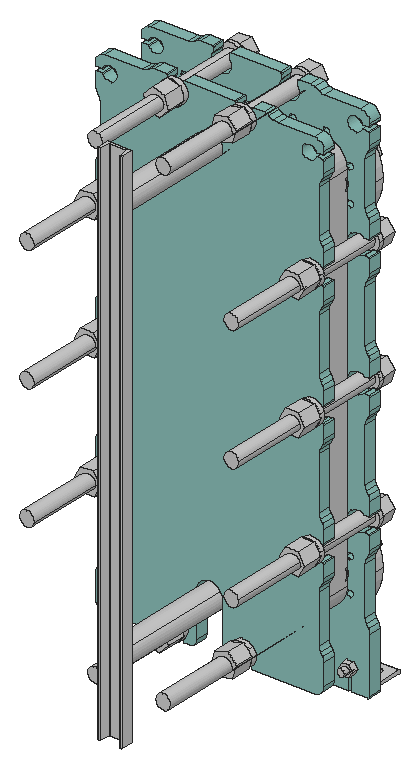
Revit family "MIT 521 - Heat Exchanger", category Specialty Equipment, Revit 2022
Family settings
  Round Connector Dimension = Use Diameter
  Part Type = Normal
  Work Plane-Based = No
  Always vertical = No
  Cut with Voids When Loaded = No
  Maintain Annotation Orientation = No
  Shared = No
  Room Calculation Point = No
Parameters (values of type "Flanged")
  URL = "https://en.ekinendustriyel.com/plate-heat-exchanger"
  Type Comments = ""
  Thickness_of_Plate = 0.50 mm  # constant formula
  Number_of_Plate [instance] = 30
  Model = if(Hygienic, if(Design Pressure < 11.0 bar, "H12340000F100L", if(Design Pressure < 16.0 bar, " H12340000F100M", " H12340000F100H")), if(Design Pressure < 10.0 bar, "E12340000F100L", if(Design Pressure < 16.0 bar, " E12340000F100M", " E12340000F100H")))  # "H12340000F100L"
  Material = Galvanized Steel- S235JR
  Manufacturer = "Ekin Endüstriyel"
  Lk [instance] = (Number_of_Plate) * ((Thickness_of_Plate) + 2.60 mm)  # 93.00 mm
  Lh [instance] = 1090.00 mm  # constant formula
  Lf [instance] = 1035.00 mm  # constant formula
  Lc [instance] = if(Number_of_Plate < 31, 350.00 mm, if(Number_of_Plate < 56, 500.00 mm, if(Number_of_Plate < 106, 750.00 mm, if(Number_of_Plate < 151, 1000.00 mm, 1250.00 mm))))  # 350.00 mm
  La [instance] = 470.00 mm  # constant formula
  Keynote = ""
  Industrial = not(Hygienic)  # no
  Hygienic = yes
  Head & Follower Plate [instance] = if(Design Pressure < 11.0 bar, 25.00 mm, if(Design Pressure < 17.0 bar, 35.00 mm, 45.00 mm))  # 25.00 mm
  Follower Plate [instance] = -(Head & Follower Plate)  # -25.00 mm
  Design Pressure = 6.89476 bar
  Description = if(Design Pressure < 11.0 bar, "MIT - Heat Exchanger - 10 bar", if(Design Pressure < 16.0 bar, " MIT - Heat Exchanger - 16 bar", " MIT - Heat Exchanger - 25 bar"))  # "MIT - Heat Exchanger - 10 bar"
  Default Elevation = 0.00 mm
Reference planes
  plane 1 "Center (Front/Back)": y = 0
  plane 2: z = 0
  plane 3 "Center (Left/Right)": x = 0
  plane 4: x = 1160
  plane 5: x = -1000
  plane 6 "2": y = -118
  plane 7 "1": y = -25
  plane 8 "3": y = -375
  plane 9 "Bolt End": y = 18.7
  plane 10: y = -350
  plane 11 "12": z = 933
Forms (mm)
  Extrusion 1, solid, material "Galvanized Steel", detail levels fine
    sketch origin (4.063, 0, 0) x (1, 0, 0) y (0, 0, 1)
      loop
        line (82.957, 1088) -> (82.957, 1078.933)
        arc (82.957, 1078.933) -> (83.045, 1078.344) -> (83.303, 1077.808) r 2
        arc (83.303, 1077.808) -> (65.937, 1045) -> (48.571, 1077.808) r 21
        arc (48.571, 1077.808) -> (48.829, 1078.344) -> (48.917, 1078.933) r 2
        line (48.917, 1078.933) -> (48.917, 1088)
        arc (48.917, 1088) -> (48.332, 1089.414) -> (46.917, 1090) r 2
        line (46.917, 1090) -> (-55.043, 1090)
        arc (-55.043, 1090) -> (-56.458, 1089.414) -> (-57.043, 1088) r 2
        line (-57.043, 1088) -> (-57.043, 1078.933)
        arc (-57.043, 1078.933) -> (-56.955, 1078.344) -> (-56.697, 1077.808) r 2
        arc (-56.697, 1077.808) -> (-74.063, 1045) -> (-91.429, 1077.808) r 21
        arc (-91.429, 1077.808) -> (-91.171, 1078.344) -> (-91.083, 1078.933) r 2
        line (-91.083, 1078.933) -> (-91.083, 1088)
        arc (-91.083, 1088) -> (-91.668, 1089.414) -> (-93.083, 1090) r 2
        line (-93.083, 1090) -> (-116.204, 1090)
        arc (-116.204, 1090) -> (-121.38, 1089.319) -> (-126.204, 1087.321) r 20
        line (-126.204, 1087.321) -> (-134.243, 1082.679)
        arc (-134.243, 1082.679) -> (-139.066, 1080.681) -> (-144.243, 1080) r 20
        line (-144.243, 1080) -> (-219.063, 1080)
        arc (-219.063, 1080) -> (-233.205, 1074.142) -> (-239.063, 1060) r 20
        line (-239.063, 1060) -> (-239.063, 1055)
        arc (-239.063, 1055) -> (-238.477, 1053.586) -> (-237.063, 1053) r 2
        line (-237.063, 1053) -> (-224.969, 1053)
        arc (-224.969, 1053) -> (-223.831, 1053.355) -> (-223.098, 1054.294) r 2
        arc (-223.098, 1054.294) -> (-194.063, 1049) -> (-223.098, 1043.706) r 15
        arc (-223.098, 1043.706) -> (-223.831, 1044.645) -> (-224.969, 1045) r 2
        line (-224.969, 1045) -> (-237.063, 1045)
        arc (-237.063, 1045) -> (-238.477, 1044.414) -> (-239.063, 1043) r 2
        line (-239.063, 1043) -> (-239.063, 1019.179)
        arc (-239.063, 1019.179) -> (-238.382, 1014.003) -> (-236.384, 1009.179) r 20
        line (-236.384, 1009.179) -> (-231.743, 1001.141)
        arc (-231.743, 1001.141) -> (-229.745, 996.317) -> (-229.063, 991.141) r 20
        line (-229.063, 991.141) -> (-229.063, 901.859)
        arc (-229.063, 901.859) -> (-229.745, 896.683) -> (-231.743, 891.859) r 20
        line (-231.743, 891.859) -> (-236.384, 883.821)
        arc (-236.384, 883.821) -> (-238.382, 878.997) -> (-239.063, 873.821) r 20
        line (-239.063, 873.821) -> (-239.063, 847.25)
        arc (-239.063, 847.25) -> (-238.477, 845.836) -> (-237.063, 845.25) r 2
        line (-237.063, 845.25) -> (-228.061, 845.25)
        arc (-228.061, 845.25) -> (-227.418, 845.356) -> (-226.844, 845.663) r 2
        arc (-226.844, 845.663) -> (-193.063, 829) -> (-226.844, 812.337) r 21
        arc (-226.844, 812.337) -> (-227.418, 812.644) -> (-228.061, 812.75) r 2
        line (-228.061, 812.75) -> (-237.063, 812.75)
        arc (-237.063, 812.75) -> (-238.477, 812.164) -> (-239.063, 810.75) r 2
        line (-239.063, 810.75) -> (-239.063, 784.179)
        arc (-239.063, 784.179) -> (-238.382, 779.003) -> (-236.384, 774.179) r 20
        line (-236.384, 774.179) -> (-231.743, 766.141)
        arc (-231.743, 766.141) -> (-229.745, 761.317) -> (-229.063, 756.141) r 20
        line (-229.063, 756.141) -> (-229.063, 646.859)
        arc (-229.063, 646.859) -> (-229.745, 641.683) -> (-231.743, 636.859) r 20
        line (-231.743, 636.859) -> (-236.384, 628.821)
        arc (-236.384, 628.821) -> (-238.382, 623.997) -> (-239.063, 618.821) r 20
        line (-239.063, 618.821) -> (-239.063, 592.25)
        arc (-239.063, 592.25) -> (-238.477, 590.836) -> (-237.063, 590.25) r 2
        line (-237.063, 590.25) -> (-228.061, 590.25)
        arc (-228.061, 590.25) -> (-227.418, 590.356) -> (-226.844, 590.663) r 2
        arc (-226.844, 590.663) -> (-193.063, 574) -> (-226.844, 557.337) r 21
        arc (-226.844, 557.337) -> (-227.418, 557.644) -> (-228.061, 557.75) r 2
        line (-228.061, 557.75) -> (-237.063, 557.75)
        arc (-237.063, 557.75) -> (-238.477, 557.164) -> (-239.063, 555.75) r 2
        line (-239.063, 555.75) -> (-239.063, 529.179)
        arc (-239.063, 529.179) -> (-238.382, 524.003) -> (-236.384, 519.179) r 20
        line (-236.384, 519.179) -> (-231.743, 511.141)
        arc (-231.743, 511.141) -> (-229.745, 506.317) -> (-229.063, 501.141) r 20
        line (-229.063, 501.141) -> (-229.063, 391.859)
        arc (-229.063, 391.859) -> (-229.745, 386.683) -> (-231.743, 381.859) r 20
        line (-231.743, 381.859) -> (-236.384, 373.821)
        arc (-236.384, 373.821) -> (-238.382, 368.997) -> (-239.063, 363.821) r 20
        line (-239.063, 363.821) -> (-239.063, 337.25)
        arc (-239.063, 337.25) -> (-238.477, 335.836) -> (-237.063, 335.25) r 2
        line (-237.063, 335.25) -> (-228.061, 335.25)
        arc (-228.061, 335.25) -> (-227.418, 335.356) -> (-226.844, 335.663) r 2
        arc (-226.844, 335.663) -> (-193.063, 319) -> (-226.844, 302.337) r 21
        arc (-226.844, 302.337) -> (-227.418, 302.644) -> (-228.061, 302.75) r 2
        line (-228.061, 302.75) -> (-237.063, 302.75)
        arc (-237.063, 302.75) -> (-238.477, 302.164) -> (-239.063, 300.75) r 2
        line (-239.063, 300.75) -> (-239.063, 274.179)
        arc (-239.063, 274.179) -> (-238.382, 269.003) -> (-236.384, 264.179) r 20
        line (-236.384, 264.179) -> (-231.743, 256.141)
        arc (-231.743, 256.141) -> (-229.745, 251.317) -> (-229.063, 246.141) r 20
        line (-229.063, 246.141) -> (-229.063, 146.859)
        arc (-229.063, 146.859) -> (-229.745, 141.683) -> (-231.743, 136.859) r 20
        line (-231.743, 136.859) -> (-236.384, 128.821)
        arc (-236.384, 128.821) -> (-238.382, 123.997) -> (-239.063, 118.821) r 20
        line (-239.063, 118.821) -> (-239.063, 5)
        arc (-239.063, 5) -> (-237.599, 1.464) -> (-234.063, 0) r 5
        line (-234.063, 0) -> (-202.063, 0) -> (-202.063, 34.417)
        arc (-202.063, 34.417) -> (-199.063, 56) -> (-196.063, 34.417) r 11
        line (-196.063, 34.417) -> (-196.063, 0) -> (-164.063, 0)
        arc (-164.063, 0) -> (-160.527, 1.464) -> (-159.063, 5) r 5
        line (-159.063, 5) -> (-159.063, 19.216)
        arc (-159.063, 19.216) -> (-157.541, 26.869) -> (-153.205, 33.358) r 20
        line (-153.205, 33.358) -> (-137.421, 49.142)
        arc (-137.421, 49.142) -> (-130.932, 53.478) -> (-123.279, 55) r 20
        line (-123.279, 55) -> (-92.313, 55)
        arc (-92.313, 55) -> (-90.899, 55.586) -> (-90.313, 57) r 2
        line (-90.313, 57) -> (-90.313, 66.002)
        arc (-90.313, 66.002) -> (-90.419, 66.645) -> (-90.726, 67.219) r 2
        arc (-90.726, 67.219) -> (-74.063, 101) -> (-57.4, 67.219) r 21
        arc (-57.4, 67.219) -> (-57.707, 66.645) -> (-57.813, 66.002) r 2
        line (-57.813, 66.002) -> (-57.813, 57)
        arc (-57.813, 57) -> (-57.227, 55.586) -> (-55.813, 55) r 2
        line (-55.813, 55) -> (47.687, 55)
        arc (47.687, 55) -> (49.101, 55.586) -> (49.687, 57) r 2
        line (49.687, 57) -> (49.687, 66.002)
        arc (49.687, 66.002) -> (49.581, 66.645) -> (49.274, 67.219) r 2
        arc (49.274, 67.219) -> (65.937, 101) -> (82.6, 67.219) r 21
        arc (82.6, 67.219) -> (82.293, 66.645) -> (82.187, 66.002) r 2
        line (82.187, 66.002) -> (82.187, 57)
        arc (82.187, 57) -> (82.773, 55.586) -> (84.187, 55) r 2
        line (84.187, 55) -> (115.153, 55)
        arc (115.153, 55) -> (122.806, 53.478) -> (129.295, 49.142) r 20
        line (129.295, 49.142) -> (145.079, 33.358)
        arc (145.079, 33.358) -> (149.415, 26.869) -> (150.937, 19.216) r 20
        line (150.937, 19.216) -> (150.937, 5)
        arc (150.937, 5) -> (152.401, 1.464) -> (155.937, 0) r 5
        line (155.937, 0) -> (187.937, 0) -> (187.937, 34.417)
        arc (187.937, 34.417) -> (190.937, 56) -> (193.937, 34.417) r 11
        line (193.937, 34.417) -> (193.937, 0) -> (225.937, 0)
        arc (225.937, 0) -> (229.473, 1.464) -> (230.937, 5) r 5
        line (230.937, 5) -> (230.937, 118.821)
        arc (230.937, 118.821) -> (230.255, 123.997) -> (228.257, 128.821) r 20
        line (228.257, 128.821) -> (223.616, 136.859)
        arc (223.616, 136.859) -> (221.618, 141.683) -> (220.937, 146.859) r 20
        line (220.937, 146.859) -> (220.937, 246.141)
        arc (220.937, 246.141) -> (221.618, 251.317) -> (223.616, 256.141) r 20
        line (223.616, 256.141) -> (228.257, 264.179)
        arc (228.257, 264.179) -> (230.255, 269.003) -> (230.937, 274.179) r 20
        line (230.937, 274.179) -> (230.937, 300.75)
        arc (230.937, 300.75) -> (230.351, 302.164) -> (228.937, 302.75) r 2
        line (228.937, 302.75) -> (219.935, 302.75)
        arc (219.935, 302.75) -> (219.292, 302.644) -> (218.718, 302.337) r 2
        arc (218.718, 302.337) -> (184.937, 319) -> (218.718, 335.663) r 21
        arc (218.718, 335.663) -> (219.292, 335.356) -> (219.935, 335.25) r 2
        line (219.935, 335.25) -> (228.937, 335.25)
        arc (228.937, 335.25) -> (230.351, 335.836) -> (230.937, 337.25) r 2
        line (230.937, 337.25) -> (230.937, 363.821)
        arc (230.937, 363.821) -> (230.255, 368.997) -> (228.257, 373.821) r 20
        line (228.257, 373.821) -> (223.616, 381.859)
        arc (223.616, 381.859) -> (221.618, 386.683) -> (220.937, 391.859) r 20
        line (220.937, 391.859) -> (220.937, 501.141)
        arc (220.937, 501.141) -> (221.618, 506.317) -> (223.616, 511.141) r 20
        line (223.616, 511.141) -> (228.257, 519.179)
        arc (228.257, 519.179) -> (230.255, 524.003) -> (230.937, 529.179) r 20
        line (230.937, 529.179) -> (230.937, 555.75)
        arc (230.937, 555.75) -> (230.351, 557.164) -> (228.937, 557.75) r 2
        line (228.937, 557.75) -> (219.935, 557.75)
        arc (219.935, 557.75) -> (219.292, 557.644) -> (218.718, 557.337) r 2
        arc (218.718, 557.337) -> (184.937, 574) -> (218.718, 590.663) r 21
        arc (218.718, 590.663) -> (219.292, 590.356) -> (219.935, 590.25) r 2
        line (219.935, 590.25) -> (228.937, 590.25)
        arc (228.937, 590.25) -> (230.351, 590.836) -> (230.937, 592.25) r 2
        line (230.937, 592.25) -> (230.937, 618.821)
        arc (230.937, 618.821) -> (230.255, 623.997) -> (228.257, 628.821) r 20
        line (228.257, 628.821) -> (223.616, 636.859)
        arc (223.616, 636.859) -> (221.618, 641.683) -> (220.937, 646.859) r 20
        line (220.937, 646.859) -> (220.937, 756.141)
        arc (220.937, 756.141) -> (221.618, 761.317) -> (223.616, 766.141) r 20
        line (223.616, 766.141) -> (228.257, 774.179)
        arc (228.257, 774.179) -> (230.255, 779.003) -> (230.937, 784.179) r 20
        line (230.937, 784.179) -> (230.937, 810.75)
        arc (230.937, 810.75) -> (230.351, 812.164) -> (228.937, 812.75) r 2
        line (228.937, 812.75) -> (219.935, 812.75)
        arc (219.935, 812.75) -> (219.292, 812.644) -> (218.718, 812.337) r 2
        arc (218.718, 812.337) -> (184.937, 829) -> (218.718, 845.663) r 21
        arc (218.718, 845.663) -> (219.292, 845.356) -> (219.935, 845.25) r 2
        line (219.935, 845.25) -> (228.937, 845.25)
        arc (228.937, 845.25) -> (230.351, 845.836) -> (230.937, 847.25) r 2
        line (230.937, 847.25) -> (230.937, 873.821)
        arc (230.937, 873.821) -> (230.255, 878.997) -> (228.257, 883.821) r 20
        line (228.257, 883.821) -> (223.616, 891.859)
        arc (223.616, 891.859) -> (221.618, 896.683) -> (220.937, 901.859) r 20
        line (220.937, 901.859) -> (220.937, 991.141)
        arc (220.937, 991.141) -> (221.618, 996.317) -> (223.616, 1001.141) r 20
        line (223.616, 1001.141) -> (228.257, 1009.179)
        arc (228.257, 1009.179) -> (230.255, 1014.003) -> (230.937, 1019.179) r 20
        line (230.937, 1019.179) -> (230.937, 1043)
        arc (230.937, 1043) -> (230.351, 1044.414) -> (228.937, 1045) r 2
        line (228.937, 1045) -> (216.843, 1045)
        arc (216.843, 1045) -> (215.705, 1044.645) -> (214.972, 1043.706) r 2
        arc (214.972, 1043.706) -> (185.937, 1049) -> (214.972, 1054.294) r 15
        arc (214.972, 1054.294) -> (215.705, 1053.355) -> (216.843, 1053) r 2
        line (216.843, 1053) -> (228.937, 1053)
        arc (228.937, 1053) -> (230.351, 1053.586) -> (230.937, 1055) r 2
        line (230.937, 1055) -> (230.937, 1060)
        arc (230.937, 1060) -> (225.079, 1074.142) -> (210.937, 1080) r 20
        line (210.937, 1080) -> (136.116, 1080)
        arc (136.116, 1080) -> (130.94, 1080.681) -> (126.116, 1082.679) r 20
        line (126.116, 1082.679) -> (118.078, 1087.321)
        arc (118.078, 1087.321) -> (113.254, 1089.319) -> (108.078, 1090) r 20
        line (108.078, 1090) -> (84.957, 1090)
        arc (84.957, 1090) -> (83.542, 1089.414) -> (82.957, 1088) r 2
      loop
        circle (142.128, 1016.149) r 7
      loop
        circle (190.836, 967.442) r 7
      loop
        circle (190.836, 898.558) r 7
      loop
        circle (142.128, 849.851) r 7
      loop
        circle (73.245, 1016.149) r 7
      loop
        circle (24.538, 967.442) r 7
      loop
        circle (24.538, 898.558) r 7
      loop
        circle (73.245, 849.851) r 7
      loop
        circle (142.128, 298.149) r 7
      loop
        circle (190.836, 249.442) r 7
      loop
        circle (190.836, 180.558) r 7
      loop
        circle (142.128, 131.851) r 7
      loop
        circle (73.245, 298.149) r 7
      loop
        circle (24.538, 249.442) r 7
      loop
        circle (24.538, 180.558) r 7
      loop
        circle (73.245, 131.851) r 7
      loop
        circle (-4.063, 156) r 6.25
      loop
        circle (-4.063, 992) r 6.25
      loop
        circle (-150.255, 1016.149) r 7
      loop
        circle (-198.962, 967.442) r 7
      loop
        circle (-198.962, 898.558) r 7
      loop
        circle (-150.255, 849.851) r 7
      loop
        circle (-81.372, 1016.149) r 7
      loop
        circle (-32.664, 967.442) r 7
      loop
        circle (-32.664, 898.558) r 7
      loop
        circle (-81.372, 849.851) r 7
      loop
        circle (-150.255, 298.149) r 7
      loop
        circle (-198.962, 249.442) r 7
      loop
        circle (-198.962, 180.558) r 7
      loop
        circle (-150.255, 131.851) r 7
      loop
        circle (-81.372, 298.149) r 7
      loop
        circle (-32.664, 249.442) r 7
      loop
        circle (-32.664, 180.558) r 7
      loop
        circle (-81.372, 131.851) r 7
      loop
        circle (107.687, 933) r 50
      loop
        circle (-115.813, 933) r 50
      loop
        circle (-115.813, 215) r 50
      loop
        circle (107.687, 215) r 50
    from 0 to 25
  Extrusion 2, solid, material "Galvanized Steel", detail levels fine
    sketch origin (4.063, -118, 0) x (-1, 0, 0) y (0, 0, 1)
      loop
        line (91.083, 1088) -> (91.083, 1078.933)
        arc (91.083, 1078.933) -> (91.171, 1078.344) -> (91.429, 1077.808) r 2
        arc (91.429, 1077.808) -> (74.063, 1045) -> (56.697, 1077.808) r 21
        arc (56.697, 1077.808) -> (56.955, 1078.344) -> (57.043, 1078.933) r 2
        line (57.043, 1078.933) -> (57.043, 1088)
        arc (57.043, 1088) -> (56.458, 1089.414) -> (55.043, 1090) r 2
        line (55.043, 1090) -> (-46.917, 1090)
        arc (-46.917, 1090) -> (-48.332, 1089.414) -> (-48.917, 1088) r 2
        line (-48.917, 1088) -> (-48.917, 1078.933)
        arc (-48.917, 1078.933) -> (-48.829, 1078.344) -> (-48.571, 1077.808) r 2
        arc (-48.571, 1077.808) -> (-65.937, 1045) -> (-83.303, 1077.808) r 21
        arc (-83.303, 1077.808) -> (-83.045, 1078.344) -> (-82.957, 1078.933) r 2
        line (-82.957, 1078.933) -> (-82.957, 1088)
        arc (-82.957, 1088) -> (-83.542, 1089.414) -> (-84.957, 1090) r 2
        line (-84.957, 1090) -> (-108.078, 1090)
        arc (-108.078, 1090) -> (-113.254, 1089.319) -> (-118.078, 1087.321) r 20
        line (-118.078, 1087.321) -> (-126.116, 1082.679)
        arc (-126.116, 1082.679) -> (-130.94, 1080.681) -> (-136.116, 1080) r 20
        line (-136.116, 1080) -> (-210.937, 1080)
        arc (-210.937, 1080) -> (-225.079, 1074.142) -> (-230.937, 1060) r 20
        line (-230.937, 1060) -> (-230.937, 1055)
        arc (-230.937, 1055) -> (-230.351, 1053.586) -> (-228.937, 1053) r 2
        line (-228.937, 1053) -> (-216.843, 1053)
        arc (-216.843, 1053) -> (-215.705, 1053.355) -> (-214.972, 1054.294) r 2
        arc (-214.972, 1054.294) -> (-185.937, 1049) -> (-214.972, 1043.706) r 15
        arc (-214.972, 1043.706) -> (-215.705, 1044.645) -> (-216.843, 1045) r 2
        line (-216.843, 1045) -> (-228.937, 1045)
        arc (-228.937, 1045) -> (-230.351, 1044.414) -> (-230.937, 1043) r 2
        line (-230.937, 1043) -> (-230.937, 1019.179)
        arc (-230.937, 1019.179) -> (-230.255, 1014.003) -> (-228.257, 1009.179) r 20
        line (-228.257, 1009.179) -> (-223.616, 1001.141)
        arc (-223.616, 1001.141) -> (-221.618, 996.317) -> (-220.937, 991.141) r 20
        line (-220.937, 991.141) -> (-220.937, 901.859)
        arc (-220.937, 901.859) -> (-221.618, 896.683) -> (-223.616, 891.859) r 20
        line (-223.616, 891.859) -> (-228.257, 883.821)
        arc (-228.257, 883.821) -> (-230.255, 878.997) -> (-230.937, 873.821) r 20
        line (-230.937, 873.821) -> (-230.937, 847.25)
        arc (-230.937, 847.25) -> (-230.351, 845.836) -> (-228.937, 845.25) r 2
        line (-228.937, 845.25) -> (-219.935, 845.25)
        arc (-219.935, 845.25) -> (-219.292, 845.356) -> (-218.718, 845.663) r 2
        arc (-218.718, 845.663) -> (-184.937, 829) -> (-218.718, 812.337) r 21
        arc (-218.718, 812.337) -> (-219.292, 812.644) -> (-219.935, 812.75) r 2
        line (-219.935, 812.75) -> (-228.937, 812.75)
        arc (-228.937, 812.75) -> (-230.351, 812.164) -> (-230.937, 810.75) r 2
        line (-230.937, 810.75) -> (-230.937, 784.179)
        arc (-230.937, 784.179) -> (-230.255, 779.003) -> (-228.257, 774.179) r 20
        line (-228.257, 774.179) -> (-223.616, 766.141)
        arc (-223.616, 766.141) -> (-221.618, 761.317) -> (-220.937, 756.141) r 20
        line (-220.937, 756.141) -> (-220.937, 646.859)
        arc (-220.937, 646.859) -> (-221.618, 641.683) -> (-223.616, 636.859) r 20
        line (-223.616, 636.859) -> (-228.257, 628.821)
        arc (-228.257, 628.821) -> (-230.255, 623.997) -> (-230.937, 618.821) r 20
        line (-230.937, 618.821) -> (-230.937, 592.25)
        arc (-230.937, 592.25) -> (-230.351, 590.836) -> (-228.937, 590.25) r 2
        line (-228.937, 590.25) -> (-219.935, 590.25)
        arc (-219.935, 590.25) -> (-219.292, 590.356) -> (-218.718, 590.663) r 2
        arc (-218.718, 590.663) -> (-184.937, 574) -> (-218.718, 557.337) r 21
        arc (-218.718, 557.337) -> (-219.292, 557.644) -> (-219.935, 557.75) r 2
        line (-219.935, 557.75) -> (-228.937, 557.75)
        arc (-228.937, 557.75) -> (-230.351, 557.164) -> (-230.937, 555.75) r 2
        line (-230.937, 555.75) -> (-230.937, 529.179)
        arc (-230.937, 529.179) -> (-230.255, 524.003) -> (-228.257, 519.179) r 20
        line (-228.257, 519.179) -> (-223.616, 511.141)
        arc (-223.616, 511.141) -> (-221.618, 506.317) -> (-220.937, 501.141) r 20
        line (-220.937, 501.141) -> (-220.937, 391.859)
        arc (-220.937, 391.859) -> (-221.618, 386.683) -> (-223.616, 381.859) r 20
        line (-223.616, 381.859) -> (-228.257, 373.821)
        arc (-228.257, 373.821) -> (-230.255, 368.997) -> (-230.937, 363.821) r 20
        line (-230.937, 363.821) -> (-230.937, 337.25)
        arc (-230.937, 337.25) -> (-230.351, 335.836) -> (-228.937, 335.25) r 2
        line (-228.937, 335.25) -> (-219.935, 335.25)
        arc (-219.935, 335.25) -> (-219.292, 335.356) -> (-218.718, 335.663) r 2
        arc (-218.718, 335.663) -> (-184.937, 319) -> (-218.718, 302.337) r 21
        arc (-218.718, 302.337) -> (-219.292, 302.644) -> (-219.935, 302.75) r 2
        line (-219.935, 302.75) -> (-228.937, 302.75)
        arc (-228.937, 302.75) -> (-230.351, 302.164) -> (-230.937, 300.75) r 2
        line (-230.937, 300.75) -> (-230.937, 274.179)
        arc (-230.937, 274.179) -> (-230.255, 269.003) -> (-228.257, 264.179) r 20
        line (-228.257, 264.179) -> (-223.616, 256.141)
        arc (-223.616, 256.141) -> (-221.618, 251.317) -> (-220.937, 246.141) r 20
        line (-220.937, 246.141) -> (-220.937, 146.859)
        arc (-220.937, 146.859) -> (-221.618, 141.683) -> (-223.616, 136.859) r 20
        line (-223.616, 136.859) -> (-228.257, 128.821)
        arc (-228.257, 128.821) -> (-230.255, 123.997) -> (-230.937, 118.821) r 20
        line (-230.937, 118.821) -> (-230.937, 75)
        arc (-230.937, 75) -> (-225.079, 60.858) -> (-210.937, 55) r 20
        line (-210.937, 55) -> (-84.187, 55)
        arc (-84.187, 55) -> (-82.773, 55.586) -> (-82.187, 57) r 2
        line (-82.187, 57) -> (-82.187, 66.002)
        arc (-82.187, 66.002) -> (-82.293, 66.645) -> (-82.6, 67.219) r 2
        arc (-82.6, 67.219) -> (-65.937, 101) -> (-49.274, 67.219) r 21
        arc (-49.274, 67.219) -> (-49.581, 66.645) -> (-49.687, 66.002) r 2
        line (-49.687, 66.002) -> (-49.687, 57)
        arc (-49.687, 57) -> (-49.101, 55.586) -> (-47.687, 55) r 2
        line (-47.687, 55) -> (-37.437, 55)
        arc (-37.437, 55) -> (-26.83, 59.393) -> (-22.437, 70) r 15
        line (-22.437, 70) -> (-22.437, 161)
        arc (-22.437, 161) -> (4.063, 187.5) -> (30.563, 161) r 26.5
        line (30.563, 161) -> (30.563, 70)
        arc (30.563, 70) -> (34.956, 59.393) -> (45.563, 55) r 15
        line (45.563, 55) -> (55.813, 55)
        arc (55.813, 55) -> (57.227, 55.586) -> (57.813, 57) r 2
        line (57.813, 57) -> (57.813, 66.002)
        arc (57.813, 66.002) -> (57.707, 66.645) -> (57.4, 67.219) r 2
        arc (57.4, 67.219) -> (74.063, 101) -> (90.726, 67.219) r 21
        arc (90.726, 67.219) -> (90.419, 66.645) -> (90.313, 66.002) r 2
        line (90.313, 66.002) -> (90.313, 57)
        arc (90.313, 57) -> (90.899, 55.586) -> (92.313, 55) r 2
        line (92.313, 55) -> (219.063, 55)
        arc (219.063, 55) -> (233.205, 60.858) -> (239.063, 75) r 20
        line (239.063, 75) -> (239.063, 118.821)
        arc (239.063, 118.821) -> (238.382, 123.997) -> (236.384, 128.821) r 20
        line (236.384, 128.821) -> (231.743, 136.859)
        arc (231.743, 136.859) -> (229.745, 141.683) -> (229.063, 146.859) r 20
        line (229.063, 146.859) -> (229.063, 246.141)
        arc (229.063, 246.141) -> (229.745, 251.317) -> (231.743, 256.141) r 20
        line (231.743, 256.141) -> (236.384, 264.179)
        arc (236.384, 264.179) -> (238.382, 269.003) -> (239.063, 274.179) r 20
        line (239.063, 274.179) -> (239.063, 300.75)
        arc (239.063, 300.75) -> (238.477, 302.164) -> (237.063, 302.75) r 2
        line (237.063, 302.75) -> (228.061, 302.75)
        arc (228.061, 302.75) -> (227.418, 302.644) -> (226.844, 302.337) r 2
        arc (226.844, 302.337) -> (193.063, 319) -> (226.844, 335.663) r 21
        arc (226.844, 335.663) -> (227.418, 335.356) -> (228.061, 335.25) r 2
        line (228.061, 335.25) -> (237.063, 335.25)
        arc (237.063, 335.25) -> (238.477, 335.836) -> (239.063, 337.25) r 2
        line (239.063, 337.25) -> (239.063, 363.821)
        arc (239.063, 363.821) -> (238.382, 368.997) -> (236.384, 373.821) r 20
        line (236.384, 373.821) -> (231.743, 381.859)
        arc (231.743, 381.859) -> (229.745, 386.683) -> (229.063, 391.859) r 20
        line (229.063, 391.859) -> (229.063, 501.141)
        arc (229.063, 501.141) -> (229.745, 506.317) -> (231.743, 511.141) r 20
        line (231.743, 511.141) -> (236.384, 519.179)
        arc (236.384, 519.179) -> (238.382, 524.003) -> (239.063, 529.179) r 20
        line (239.063, 529.179) -> (239.063, 555.75)
        arc (239.063, 555.75) -> (238.477, 557.164) -> (237.063, 557.75) r 2
        line (237.063, 557.75) -> (228.061, 557.75)
        arc (228.061, 557.75) -> (227.418, 557.644) -> (226.844, 557.337) r 2
        arc (226.844, 557.337) -> (193.063, 574) -> (226.844, 590.663) r 21
        arc (226.844, 590.663) -> (227.418, 590.356) -> (228.061, 590.25) r 2
        line (228.061, 590.25) -> (237.063, 590.25)
        arc (237.063, 590.25) -> (238.477, 590.836) -> (239.063, 592.25) r 2
        line (239.063, 592.25) -> (239.063, 618.821)
        arc (239.063, 618.821) -> (238.382, 623.997) -> (236.384, 628.821) r 20
        line (236.384, 628.821) -> (231.743, 636.859)
        arc (231.743, 636.859) -> (229.745, 641.683) -> (229.063, 646.859) r 20
        line (229.063, 646.859) -> (229.063, 756.141)
        arc (229.063, 756.141) -> (229.745, 761.317) -> (231.743, 766.141) r 20
        line (231.743, 766.141) -> (236.384, 774.179)
        arc (236.384, 774.179) -> (238.382, 779.003) -> (239.063, 784.179) r 20
        line (239.063, 784.179) -> (239.063, 810.75)
        arc (239.063, 810.75) -> (238.477, 812.164) -> (237.063, 812.75) r 2
        line (237.063, 812.75) -> (228.061, 812.75)
        arc (228.061, 812.75) -> (227.418, 812.644) -> (226.844, 812.337) r 2
        arc (226.844, 812.337) -> (193.063, 829) -> (226.844, 845.663) r 21
        arc (226.844, 845.663) -> (227.418, 845.356) -> (228.061, 845.25) r 2
        line (228.061, 845.25) -> (237.063, 845.25)
        arc (237.063, 845.25) -> (238.477, 845.836) -> (239.063, 847.25) r 2
        line (239.063, 847.25) -> (239.063, 873.821)
        arc (239.063, 873.821) -> (238.382, 878.997) -> (236.384, 883.821) r 20
        line (236.384, 883.821) -> (231.743, 891.859)
        arc (231.743, 891.859) -> (229.745, 896.683) -> (229.063, 901.859) r 20
        line (229.063, 901.859) -> (229.063, 991.141)
        arc (229.063, 991.141) -> (229.745, 996.317) -> (231.743, 1001.141) r 20
        line (231.743, 1001.141) -> (236.384, 1009.179)
        arc (236.384, 1009.179) -> (238.382, 1014.003) -> (239.063, 1019.179) r 20
        line (239.063, 1019.179) -> (239.063, 1043)
        arc (239.063, 1043) -> (238.477, 1044.414) -> (237.063, 1045) r 2
        line (237.063, 1045) -> (224.969, 1045)
        arc (224.969, 1045) -> (223.831, 1044.645) -> (223.098, 1043.706) r 2
        arc (223.098, 1043.706) -> (194.063, 1049) -> (223.098, 1054.294) r 15
        arc (223.098, 1054.294) -> (223.831, 1053.355) -> (224.969, 1053) r 2
        line (224.969, 1053) -> (237.063, 1053)
        arc (237.063, 1053) -> (238.477, 1053.586) -> (239.063, 1055) r 2
        line (239.063, 1055) -> (239.063, 1060)
        arc (239.063, 1060) -> (233.205, 1074.142) -> (219.063, 1080) r 20
        line (219.063, 1080) -> (144.243, 1080)
        arc (144.243, 1080) -> (139.066, 1080.681) -> (134.243, 1082.679) r 20
        line (134.243, 1082.679) -> (126.204, 1087.321)
        arc (126.204, 1087.321) -> (121.38, 1089.319) -> (116.204, 1090) r 20
        line (116.204, 1090) -> (93.083, 1090)
        arc (93.083, 1090) -> (91.668, 1089.414) -> (91.083, 1088) r 2
      loop
        circle (4.063, 992) r 25
    from 0 to -25 <- "Follower Plate"
  Extrusion 3, solid, material "AISI 316L/Titanium/Hastelloy", detail levels fine
    sketch origin (0, -25, 0) x (-1, 0, 0) y (0, 0, 1)
      loop
        line (-26.15, 1007.5) -> (-137.5, 1007.5)
        arc (-137.5, 1007.5) -> (-172.855, 992.855) -> (-187.5, 957.5) r 50
        line (-187.5, 957.5) -> (-187.5, 190.5)
        arc (-187.5, 190.5) -> (-172.855, 155.145) -> (-137.5, 140.5) r 50
        line (-137.5, 140.5) -> (-26.15, 140.5) -> (-24.15, 142.5) -> (-24.15, 146.5) -> (-25.15, 148.5) -> (-25.15, 158.35)
        arc (-25.15, 158.35) -> (-20.029, 173.561) -> (-6.75, 182.577) r 25.15
        line (-6.75, 182.577) -> (-6.75, 190.5) -> (6.75, 190.5) -> (6.75, 182.577)
        arc (6.75, 182.577) -> (20.029, 173.561) -> (25.15, 158.35) r 25.15
        line (25.15, 158.35) -> (25.15, 148.5) -> (24.15, 146.5) -> (24.15, 142.5) -> (26.15, 140.5) -> (137.5, 140.5)
        arc (137.5, 140.5) -> (172.855, 155.145) -> (187.5, 190.5) r 50
        line (187.5, 190.5) -> (187.5, 957.5)
        arc (187.5, 957.5) -> (172.855, 992.855) -> (137.5, 1007.5) r 50
        line (137.5, 1007.5) -> (26.15, 1007.5) -> (24.15, 1005.5) -> (24.15, 1001.5) -> (25.15, 999.5) -> (25.15, 989.65)
        arc (25.15, 989.65) -> (20.029, 974.439) -> (6.75, 965.423) r 25.15
        line (6.75, 965.423) -> (6.75, 957.5) -> (-6.75, 957.5) -> (-6.75, 965.423)
        arc (-6.75, 965.423) -> (-20.029, 974.439) -> (-25.15, 989.65) r 25.15
        line (-25.15, 989.65) -> (-25.15, 999.5) -> (-24.15, 1001.5) -> (-24.15, 1005.5) -> (-26.15, 1007.5)
      loop
        circle (-111.75, 933) r 47
      loop
        circle (111.75, 933) r 47
      loop
        circle (111.75, 215) r 47
      loop
        circle (-111.75, 215) r 47
    from 0 to -93
  Extrusion 4, solid, material "Galvanized Steel- S235JR"
    sketch origin (0, 0, 0) x (1, 0, 0) y (0, 0, 1)
      loop
        circle (0, 992) r 25
      loop
        circle (0, 156) r 25
    from 25 to 375
  Extrusion 5, solid, material "Galvanized Steel- S235JR"
    sketch origin (0, 0, 0) x (1, 0, 0) y (0, 0, 1)
      loop
        circle (70, 1066) r 15
      loop
        circle (210, 829) r 15
      loop
        circle (210, 574) r 15
      loop
        circle (210, 319) r 15
      loop
        circle (70, 80) r 15
      loop
        circle (-70, 1066) r 15
      loop
        circle (-210, 829) r 15
      loop
        circle (-210, 574) r 15
      loop
        circle (-210, 319) r 15
      loop
        circle (-70, 80) r 15
    from 0 to 350
  Extrusion 6, solid, material "Galvanized Steel- S235JR", detail levels fine
    sketch origin (0, 0, 0) x (1, 0, 0) y (0, 0, 1)
      loop
        line (201.928, 57) -> (188.072, 57) -> (181.144, 45) -> (188.072, 33) -> (201.928, 33) -> (208.856, 45) -> (201.928, 57)
      loop
        line (-201.928, 57) -> (-208.856, 45) -> (-201.928, 33) -> (-188.072, 33) -> (-181.144, 45) -> (-188.072, 57) -> (-201.928, 57)
    from -10 to -20
  Extrusion 7, solid, material "Galvanized Steel- S235JR", detail levels fine
    sketch origin (0, 0, 0) x (1, 0, 0) y (0, 0, 1)
      loop
        circle (195, 45) r 15
      loop
        circle (-195, 45) r 15
    from -10 to -7.5
  Extrusion 8, solid, material "Galvanized Steel- S235JR", detail levels fine
    sketch origin (0, 0, 0) x (1, 0, 0) y (0, 0, 1)
      loop
        circle (195.004, 45) r 7
      loop
        circle (-195.004, 45) r 7
    from 49.8 to -7.5
  Extrusion 9, solid, material "Galvanized Steel- S235JR", detail levels fine
    sketch origin (0, 0, 0) x (1, 0, 0) y (0, 0, 1)
      loop
        line (201.928, 57) -> (188.072, 57) -> (181.144, 45) -> (188.072, 33) -> (201.928, 33) -> (208.856, 45) -> (201.928, 57)
      loop
        line (-201.928, 57) -> (-208.856, 45) -> (-201.928, 33) -> (-188.072, 33) -> (-181.144, 45) -> (-188.072, 57) -> (-201.928, 57)
    from 37.6 to 25
  Extrusion 10, solid, material "Galvanized Steel- S235JR", detail levels fine
    sketch origin (0, 0, 0) x (1, 0, 0) y (0, 0, 1)
      loop
        circle (194.899, 180.558) r 15
      loop
        circle (146.192, 131.851) r 15
      loop
        circle (194.899, 249.442) r 15
      loop
        circle (146.192, 298.149) r 15
      loop
        circle (28.601, 180.558) r 15
      loop
        circle (77.308, 131.851) r 15
      loop
        circle (28.601, 249.442) r 15
      loop
        circle (77.308, 298.149) r 15
      loop
        circle (-194.899, 180.558) r 15
      loop
        circle (-146.192, 131.851) r 15
      loop
        circle (-194.899, 249.442) r 15
      loop
        circle (-146.192, 298.149) r 15
      loop
        circle (-28.601, 180.558) r 15
      loop
        circle (-77.308, 131.851) r 15
      loop
        circle (-28.601, 249.442) r 15
      loop
        circle (-77.308, 298.149) r 15
      loop
        circle (194.899, 898.558) r 15
      loop
        circle (146.192, 849.851) r 15
      loop
        circle (194.899, 967.442) r 15
      loop
        circle (146.192, 1016.149) r 15
      loop
        circle (28.601, 898.558) r 15
      loop
        circle (77.308, 849.851) r 15
      loop
        circle (28.601, 967.442) r 15
      loop
        circle (77.308, 1016.149) r 15
      loop
        circle (-194.899, 898.558) r 15
      loop
        circle (-146.192, 849.851) r 15
      loop
        circle (-194.899, 967.442) r 15
      loop
        circle (-146.192, 1016.149) r 15
      loop
        circle (-28.601, 898.558) r 15
      loop
        circle (-77.308, 849.851) r 15
      loop
        circle (-28.601, 967.442) r 15
      loop
        circle (-77.308, 1016.149) r 15
    from -25.5 to -28.5
  Extrusion 11, solid, material "Galvanized Steel- S235JR", detail levels fine
    sketch origin (0, 0, 0) x (1, 0, 0) y (0, 0, 1)
      loop
        line (185.566, 191.569) -> (180.697, 177.981) -> (190.03, 166.971) -> (204.232, 169.548) -> (209.101, 183.136) -> (199.768, 194.146) -> (185.566, 191.569)
      loop
        line (147.378, 146.236) -> (134.327, 140.07) -> (133.141, 125.685) -> (145.005, 117.466) -> (158.056, 123.631) -> (159.242, 138.016) -> (147.378, 146.236)
      loop
        line (188.734, 262.492) -> (180.514, 250.628) -> (186.68, 237.577) -> (201.065, 236.391) -> (209.284, 248.255) -> (203.119, 261.306) -> (188.734, 262.492)
      loop
        line (143.614, 312.351) -> (132.604, 303.018) -> (135.181, 288.816) -> (148.769, 283.947) -> (159.779, 293.28) -> (157.202, 307.482) -> (143.614, 312.351)
      loop
        line (37.934, 191.569) -> (23.732, 194.146) -> (14.399, 183.136) -> (19.268, 169.548) -> (33.47, 166.971) -> (42.803, 177.981) -> (37.934, 191.569)
      loop
        line (76.122, 146.236) -> (64.258, 138.016) -> (65.444, 123.631) -> (78.495, 117.466) -> (90.359, 125.685) -> (89.173, 140.07) -> (76.122, 146.236)
      loop
        line (34.766, 262.492) -> (20.381, 261.306) -> (14.216, 248.255) -> (22.435, 236.391) -> (36.82, 237.577) -> (42.986, 250.628) -> (34.766, 262.492)
      loop
        line (79.886, 312.351) -> (66.298, 307.482) -> (63.721, 293.28) -> (74.731, 283.947) -> (88.319, 288.816) -> (90.896, 303.018) -> (79.886, 312.351)
      loop
        line (-185.566, 191.569) -> (-199.768, 194.146) -> (-209.101, 183.136) -> (-204.232, 169.548) -> (-190.03, 166.971) -> (-180.697, 177.981) -> (-185.566, 191.569)
      loop
        line (-147.378, 146.236) -> (-159.242, 138.016) -> (-158.056, 123.631) -> (-145.005, 117.466) -> (-133.141, 125.685) -> (-134.327, 140.07) -> (-147.378, 146.236)
      loop
        line (-188.734, 262.492) -> (-203.119, 261.306) -> (-209.284, 248.255) -> (-201.065, 236.391) -> (-186.68, 237.577) -> (-180.514, 250.628) -> (-188.734, 262.492)
      loop
        line (-143.614, 312.351) -> (-157.202, 307.482) -> (-159.779, 293.28) -> (-148.769, 283.947) -> (-135.181, 288.816) -> (-132.604, 303.018) -> (-143.614, 312.351)
      loop
        line (-37.934, 191.569) -> (-42.803, 177.981) -> (-33.47, 166.971) -> (-19.268, 169.548) -> (-14.399, 183.136) -> (-23.732, 194.146) -> (-37.934, 191.569)
      loop
        line (-76.122, 146.236) -> (-89.173, 140.07) -> (-90.359, 125.685) -> (-78.495, 117.466) -> (-65.444, 123.631) -> (-64.258, 138.016) -> (-76.122, 146.236)
      loop
        line (-34.766, 262.492) -> (-42.986, 250.628) -> (-36.82, 237.577) -> (-22.435, 236.391) -> (-14.216, 248.255) -> (-20.381, 261.306) -> (-34.766, 262.492)
      loop
        line (-79.886, 312.351) -> (-90.896, 303.018) -> (-88.319, 288.816) -> (-74.731, 283.947) -> (-63.721, 293.28) -> (-66.298, 307.482) -> (-79.886, 312.351)
      loop
        line (185.566, 909.569) -> (180.697, 895.981) -> (190.03, 884.971) -> (204.232, 887.548) -> (209.101, 901.136) -> (199.768, 912.146) -> (185.566, 909.569)
      loop
        line (147.378, 864.236) -> (134.327, 858.07) -> (133.141, 843.685) -> (145.005, 835.466) -> (158.056, 841.631) -> (159.242, 856.016) -> (147.378, 864.236)
      loop
        line (188.734, 980.492) -> (180.514, 968.628) -> (186.68, 955.577) -> (201.065, 954.391) -> (209.284, 966.255) -> (203.119, 979.306) -> (188.734, 980.492)
      loop
        line (143.614, 1030.351) -> (132.604, 1021.018) -> (135.181, 1006.816) -> (148.769, 1001.947) -> (159.779, 1011.28) -> (157.202, 1025.482) -> (143.614, 1030.351)
      loop
        line (37.934, 909.569) -> (23.732, 912.146) -> (14.399, 901.136) -> (19.268, 887.548) -> (33.47, 884.971) -> (42.803, 895.981) -> (37.934, 909.569)
      loop
        line (76.122, 864.236) -> (64.258, 856.016) -> (65.444, 841.631) -> (78.495, 835.466) -> (90.359, 843.685) -> (89.173, 858.07) -> (76.122, 864.236)
      loop
        line (34.766, 980.492) -> (20.381, 979.306) -> (14.216, 966.255) -> (22.435, 954.391) -> (36.82, 955.577) -> (42.986, 968.628) -> (34.766, 980.492)
      loop
        line (79.886, 1030.351) -> (66.298, 1025.482) -> (63.721, 1011.28) -> (74.731, 1001.947) -> (88.319, 1006.816) -> (90.896, 1021.018) -> (79.886, 1030.351)
      loop
        line (-185.566, 909.569) -> (-199.768, 912.146) -> (-209.101, 901.136) -> (-204.232, 887.548) -> (-190.03, 884.971) -> (-180.697, 895.981) -> (-185.566, 909.569)
      loop
        line (-147.378, 864.236) -> (-159.242, 856.016) -> (-158.056, 841.631) -> (-145.005, 835.466) -> (-133.141, 843.685) -> (-134.327, 858.07) -> (-147.378, 864.236)
      loop
        line (-188.734, 980.492) -> (-203.119, 979.306) -> (-209.284, 966.255) -> (-201.065, 954.391) -> (-186.68, 955.577) -> (-180.514, 968.628) -> (-188.734, 980.492)
      loop
        line (-143.614, 1030.351) -> (-157.202, 1025.482) -> (-159.779, 1011.28) -> (-148.769, 1001.947) -> (-135.181, 1006.816) -> (-132.604, 1021.018) -> (-143.614, 1030.351)
      loop
        line (-37.934, 909.569) -> (-42.803, 895.981) -> (-33.47, 884.971) -> (-19.268, 887.548) -> (-14.399, 901.136) -> (-23.732, 912.146) -> (-37.934, 909.569)
      loop
        line (-76.122, 864.236) -> (-89.173, 858.07) -> (-90.359, 843.685) -> (-78.495, 835.466) -> (-65.444, 841.631) -> (-64.258, 856.016) -> (-76.122, 864.236)
      loop
        line (-34.766, 980.492) -> (-42.986, 968.628) -> (-36.82, 955.577) -> (-22.435, 954.391) -> (-14.216, 966.255) -> (-20.381, 979.306) -> (-34.766, 980.492)
      loop
        line (-79.886, 1030.351) -> (-90.896, 1021.018) -> (-88.319, 1006.816) -> (-74.731, 1001.947) -> (-63.721, 1011.28) -> (-66.298, 1025.482) -> (-79.886, 1030.351)
    from -38.5 to -28.5
  Extrusion 12, solid, material "Galvanized Steel- S235JR", detail levels fine
    sketch origin (0, 0, 0) x (1, 0, 0) y (0, 0, 1)
      loop
        circle (0, 156.015) r 9
      loop
        circle (0, 991.984) r 9
    from -2.5 to -14.559
  Extrusion 13, solid, material "Galvanized Steel- S235JR", detail levels medium+fine
    sketch origin (0, 0, 0) x (1, 0, 0) y (0, 1, 0)
      loop
        line (-25, -375) -> (-25, -398)
        arc (-25, -398) -> (-24.414, -399.414) -> (-23, -400) r 2
        line (-23, -400) -> (-22.026, -400)
        arc (-22.026, -400) -> (-21.054, -399.643) -> (-20.545, -398.741) r 1.5
        line (-20.545, -398.741) -> (-17.772, -381.676)
        arc (-17.772, -381.676) -> (-16.666, -380.453) -> (-15.08, -380) r 3
        line (-15.08, -380) -> (15.08, -380)
        arc (15.08, -380) -> (16.666, -380.453) -> (17.772, -381.676) r 3
        line (17.772, -381.676) -> (20.545, -398.741)
        arc (20.545, -398.741) -> (21.054, -399.643) -> (22.026, -400) r 1.5
        line (22.026, -400) -> (23, -400)
        arc (23, -400) -> (24.414, -399.414) -> (25, -398) r 2
        line (25, -398) -> (25, -375) -> (-25, -375)
    from 0 to 1090
  Extrusion 14, solid, material "Galvanized Steel- S235JR"
    sketch origin (212.5, 0, 5) x (0, 0, 1) y (0, -1, 0)
      loop
        line (7.5, -7.5) -> (62, -7.5)
        arc (62, -7.5) -> (64.121, -6.621) -> (65, -4.5) r 3
        line (65, -4.5) -> (65, 0) -> (-4, 0)
        arc (-4, 0) -> (-4.707, -0.293) -> (-5, -1) r 1
        line (-5, -1) -> (-5, -68)
        arc (-5, -68) -> (-4.414, -69.414) -> (-3, -70) r 2
        line (-3, -70) -> (0.5, -70)
        arc (0.5, -70) -> (1.914, -69.414) -> (2.5, -68) r 2
        line (2.5, -68) -> (2.5, -12.5)
        arc (2.5, -12.5) -> (3.964, -8.964) -> (7.5, -7.5) r 5
    from 7.5 to -432.5
  Extrusion 15, void
    sketch origin (202.5, 12.5, 7.5) x (0, -1, 0) y (1, 0, 0)
      loop
        line (12.5, -32.5) -> (-57.5, -32.5) -> (-57.5, -372.5) -> (12.5, -372.5) -> (12.5, -32.5)
      loop
        circle (-32.5, -397.5) r 9
      loop
        circle (-32.5, -7.5) r 9
    from -7.5 to 62.5
  Extrusion 16, solid, material "Galvanized Steel- S235JR", detail levels medium+fine
    sketch origin (0, 0, 0) x (1, 0, 0) y (0, 0, 1)
      loop
        circle (70, 1066) r 25
      loop
        circle (210, 829) r 25
      loop
        circle (210, 574) r 25
      loop
        circle (210, 319) r 25
      loop
        circle (70, 80) r 25
      loop
        circle (-70, 1066) r 25
      loop
        circle (-210, 829) r 25
      loop
        circle (-210, 574) r 25
      loop
        circle (-210, 319) r 25
      loop
        circle (-70, 80) r 25
    from 0 to -7.5
  Extrusion 17, solid, material "Galvanized Steel- S235JR", detail levels fine
    sketch origin (4.063, -143, 0) x (1, 0, 0) y (0, 0, 1)
      loop
        line (-55.647, 1085.135) -> (-81.427, 1091.517) -> (-99.843, 1072.381) -> (-92.479, 1046.865) -> (-66.699, 1040.483) -> (-48.283, 1059.619) -> (-55.647, 1085.135)
      loop
        line (-227.721, 851.777) -> (-240.617, 828.56) -> (-226.959, 805.783) -> (-200.405, 806.223) -> (-187.509, 829.44) -> (-201.167, 852.217) -> (-227.721, 851.777)
      loop
        line (-227.721, 596.777) -> (-240.617, 573.56) -> (-226.959, 550.783) -> (-200.405, 551.223) -> (-187.509, 574.44) -> (-201.167, 597.217) -> (-227.721, 596.777)
      loop
        line (-200.405, 296.223) -> (-187.509, 319.44) -> (-201.167, 342.217) -> (-227.721, 341.777) -> (-240.617, 318.56) -> (-226.959, 295.783) -> (-200.405, 296.223)
      loop
        line (-81.427, 105.517) -> (-99.843, 86.381) -> (-92.479, 60.865) -> (-66.699, 54.483) -> (-48.283, 73.619) -> (-55.647, 99.135) -> (-81.427, 105.517)
      loop
        line (47.521, 1085.135) -> (40.157, 1059.619) -> (58.573, 1040.483) -> (84.353, 1046.865) -> (91.717, 1072.381) -> (73.301, 1091.517) -> (47.521, 1085.135)
      loop
        line (219.595, 851.777) -> (193.041, 852.217) -> (179.383, 829.44) -> (192.279, 806.223) -> (218.833, 805.783) -> (232.491, 828.56) -> (219.595, 851.777)
      loop
        line (219.595, 596.777) -> (193.041, 597.217) -> (179.383, 574.44) -> (192.279, 551.223) -> (218.833, 550.783) -> (232.491, 573.56) -> (219.595, 596.777)
      loop
        line (192.279, 296.223) -> (218.833, 295.783) -> (232.491, 318.56) -> (219.595, 341.777) -> (193.041, 342.217) -> (179.383, 319.44) -> (192.279, 296.223)
      loop
        line (73.301, 105.517) -> (47.521, 99.135) -> (40.157, 73.619) -> (58.573, 54.483) -> (84.353, 60.865) -> (91.717, 86.381) -> (73.301, 105.517)
    from 10.7 to 50.8
  Extrusion 18, solid, material "Galvanized Steel- S235JR", detail levels fine
    sketch origin (4.063, -143, 0) x (1, 0, 0) y (0, 0, 1)
      loop
        circle (-74.063, 1066) r 25
      loop
        circle (-214.063, 829) r 25
      loop
        circle (-214.063, 574) r 25
      loop
        circle (-214.063, 319) r 25
      loop
        circle (-74.063, 80) r 25
      loop
        circle (65.937, 1066) r 25
      loop
        circle (205.937, 829) r 25
      loop
        circle (205.937, 574) r 25
      loop
        circle (205.937, 319) r 25
      loop
        circle (65.937, 80) r 25
    from 10.7 to 0
  Extrusion 19, solid, material "Galvanized Steel- S235JR", detail levels medium+fine
    sketch origin (0, 0, 0) x (1, 0, 0) y (0, 0, 1)
      loop
        line (84.783, 1087.715) -> (58.585, 1089.66) -> (43.803, 1067.944) -> (55.217, 1044.285) -> (81.415, 1042.34) -> (96.197, 1064.056) -> (84.783, 1087.715)
      loop
        line (218.963, 853.693) -> (193.097, 849.109) -> (184.134, 824.416) -> (201.037, 804.307) -> (226.903, 808.891) -> (235.866, 833.584) -> (218.963, 853.693)
      loop
        line (184.134, 569.416) -> (201.037, 549.307) -> (226.903, 553.891) -> (235.866, 578.584) -> (218.963, 598.693) -> (193.097, 594.109) -> (184.134, 569.416)
      loop
        line (235.866, 323.584) -> (218.963, 343.693) -> (193.097, 339.109) -> (184.134, 314.416) -> (201.037, 294.307) -> (226.903, 298.891) -> (235.866, 323.584)
      loop
        line (58.585, 103.66) -> (43.803, 81.944) -> (55.217, 58.285) -> (81.415, 56.34) -> (96.197, 78.056) -> (84.783, 101.715) -> (58.585, 103.66)
      loop
        line (-84.783, 1087.715) -> (-96.197, 1064.056) -> (-81.415, 1042.34) -> (-55.217, 1044.285) -> (-43.803, 1067.944) -> (-58.585, 1089.66) -> (-84.783, 1087.715)
      loop
        line (-218.963, 853.693) -> (-235.866, 833.584) -> (-226.903, 808.891) -> (-201.037, 804.307) -> (-184.134, 824.416) -> (-193.097, 849.109) -> (-218.963, 853.693)
      loop
        line (-184.134, 569.416) -> (-193.097, 594.109) -> (-218.963, 598.693) -> (-235.866, 578.584) -> (-226.903, 553.891) -> (-201.037, 549.307) -> (-184.134, 569.416)
      loop
        line (-235.866, 323.584) -> (-226.903, 298.891) -> (-201.037, 294.307) -> (-184.134, 314.416) -> (-193.097, 339.109) -> (-218.963, 343.693) -> (-235.866, 323.584)
      loop
        line (-58.585, 103.66) -> (-84.783, 101.715) -> (-96.197, 78.056) -> (-81.415, 56.34) -> (-55.217, 58.285) -> (-43.803, 81.944) -> (-58.585, 103.66)
    from -8 to -38.6
  Extrusion 20, solid, material "AISI 316L/Titanium/Hastelloy", detail levels coarse
    sketch origin (0, 0, 1090) x (1, 0, 0) y (0, 1, 0)
      loop
        line (25, -375) -> (-25, -375) -> (-25, -400) -> (25, -400) -> (25, -375)
    from 0 to -1090
  Extrusion 21, solid, material "Galvanized Steel- S235JR", detail levels fine
    sketch origin (0, 0, 0) x (1, 0, 0) y (0, 0, 1)
      loop
        circle (111.75, 933) r 77
      loop
        circle (28.601, 967.442) r 7
      loop
        circle (28.601, 898.558) r 7
      loop
        circle (77.308, 1016.149) r 7
      loop
        circle (77.308, 849.851) r 7
      loop
        circle (111.75, 215) r 77
      loop
        circle (28.601, 249.442) r 7
      loop
        circle (28.601, 180.558) r 7
      loop
        circle (77.308, 298.149) r 7
      loop
        circle (77.308, 131.851) r 7
      loop
        circle (111.75, 215) r 110
      loop
        circle (111.75, 933) r 110
      loop
        circle (194.899, 967.442) r 7
      loop
        circle (194.899, 898.558) r 7
      loop
        circle (146.192, 1016.149) r 7
      loop
        circle (146.192, 849.851) r 7
      loop
        circle (194.899, 249.442) r 7
      loop
        circle (194.899, 180.558) r 7
      loop
        circle (146.192, 298.149) r 7
      loop
        circle (146.192, 131.851) r 7
      loop
        circle (-111.75, 933) r 77
      loop
        circle (-28.601, 967.442) r 7
      loop
        circle (-28.601, 898.558) r 7
      loop
        circle (-77.308, 1016.149) r 7
      loop
        circle (-77.308, 849.851) r 7
      loop
        circle (-111.75, 215) r 77
      loop
        circle (-28.601, 249.442) r 7
      loop
        circle (-28.601, 180.558) r 7
      loop
        circle (-77.308, 298.149) r 7
      loop
        circle (-77.308, 131.851) r 7
      loop
        circle (-111.75, 215) r 110
      loop
        circle (-111.75, 933) r 110
      loop
        circle (-194.899, 967.442) r 7
      loop
        circle (-194.899, 898.558) r 7
      loop
        circle (-146.192, 1016.149) r 7
      loop
        circle (-146.192, 849.851) r 7
      loop
        circle (-194.899, 249.442) r 7
      loop
        circle (-194.899, 180.558) r 7
      loop
        circle (-146.192, 298.149) r 7
      loop
        circle (-146.192, 131.851) r 7
    from 0 to -25.5
  Extrusion 22, solid, material "Galvanized Steel- S235JR", detail levels fine
    sketch origin (0, 0, 0) x (1, 0, 0) y (0, 0, 1)
      loop
        circle (0, 992) r 12
      loop
        circle (0, 156) r 12
    from 0 to -2.5
  Extrusion 23, solid, material "Galvanized Steel", detail levels medium
    sketch origin (4.063, 0, 0) x (1, 0, 0) y (0, 0, 1)
      loop
        line (113.437, 1090) -> (-121.563, 1090) -> (-138.884, 1080) -> (-219.063, 1080)
        arc (-219.063, 1080) -> (-233.205, 1074.142) -> (-239.063, 1060) r 20
        line (-239.063, 1060) -> (-239.063, 5)
        arc (-239.063, 5) -> (-237.599, 1.464) -> (-234.063, 0) r 5
        line (-234.063, 0) -> (-164.063, 0)
        arc (-164.063, 0) -> (-160.527, 1.464) -> (-159.063, 5) r 5
        line (-159.063, 5) -> (-159.063, 27.5) -> (-131.563, 55) -> (123.437, 55) -> (150.937, 27.5) -> (150.937, 5)
        arc (150.937, 5) -> (152.401, 1.464) -> (155.937, 0) r 5
        line (155.937, 0) -> (225.937, 0)
        arc (225.937, 0) -> (229.473, 1.464) -> (230.937, 5) r 5
        line (230.937, 5) -> (230.937, 1060)
        arc (230.937, 1060) -> (225.079, 1074.142) -> (210.937, 1080) r 20
        line (210.937, 1080) -> (130.757, 1080) -> (113.437, 1090)
      loop
        circle (-4.063, 156) r 6.25
      loop
        circle (-4.063, 992) r 6.25
      loop
        circle (200.937, 1049) r 15
      loop
        circle (205.937, 829) r 21
      loop
        circle (205.937, 574) r 21
      loop
        circle (205.937, 319) r 21
      loop
        circle (190.937, 45) r 11
      loop
        circle (65.937, 80) r 21
      loop
        circle (65.937, 1066) r 21
      loop
        circle (-209.063, 1049) r 15
      loop
        circle (-214.063, 829) r 21
      loop
        circle (-214.063, 574) r 21
      loop
        circle (-214.063, 319) r 21
      loop
        circle (-199.063, 45) r 11
      loop
        circle (-74.063, 80) r 21
      loop
        circle (-74.063, 1066) r 21
      loop
        circle (-115.813, 215) r 50
      loop
        circle (107.687, 215) r 50
      loop
        circle (107.687, 933) r 50
      loop
        circle (-115.813, 933) r 50
    from 0 to 25
  Extrusion 24, solid, material "Galvanized Steel", detail levels medium
    sketch origin (4.063, -118, 0) x (-1, 0, 0) y (0, 0, 1)
      loop
        line (30.563, 161) -> (30.563, 70)
        arc (30.563, 70) -> (34.956, 59.393) -> (45.563, 55) r 15
        line (45.563, 55) -> (234.063, 55)
        arc (234.063, 55) -> (237.599, 56.464) -> (239.063, 60) r 5
        line (239.063, 60) -> (239.063, 1060)
        arc (239.063, 1060) -> (233.205, 1074.142) -> (219.063, 1080) r 20
        line (219.063, 1080) -> (138.884, 1080) -> (121.563, 1090) -> (-113.437, 1090) -> (-130.757, 1080) -> (-210.937, 1080)
        arc (-210.937, 1080) -> (-225.079, 1074.142) -> (-230.937, 1060) r 20
        line (-230.937, 1060) -> (-230.937, 60)
        arc (-230.937, 60) -> (-229.473, 56.464) -> (-225.937, 55) r 5
        line (-225.937, 55) -> (-37.437, 55)
        arc (-37.437, 55) -> (-26.83, 59.393) -> (-22.437, 70) r 15
        line (-22.437, 70) -> (-22.437, 161)
        arc (-22.437, 161) -> (4.063, 187.5) -> (30.563, 161) r 26.5
      loop
        circle (4.063, 992) r 25
      loop
        circle (-200.937, 1049) r 15
      loop
        circle (-205.937, 829) r 21
      loop
        circle (-205.937, 574) r 21
      loop
        circle (-205.937, 319) r 21
      loop
        circle (-65.937, 80) r 21
      loop
        circle (-65.937, 1066) r 21
      loop
        circle (209.063, 1049) r 15
      loop
        circle (214.063, 829) r 21
      loop
        circle (214.063, 574) r 21
      loop
        circle (214.063, 319) r 21
      loop
        circle (74.063, 80) r 21
      loop
        circle (74.063, 1066) r 21
    from 0 to -25 <- "Follower Plate"
  Extrusion 25, solid, material "AISI 316L/Titanium/Hastelloy", detail levels medium
    sketch origin (0, -25, 0) x (-1, 0, 0) y (0, 0, 1)
      loop
        line (-26.15, 1007.5) -> (-137.5, 1007.5) -> (-187.5, 957.5) -> (-187.5, 190.5) -> (-137.5, 140.5) -> (-26.15, 140.5) -> (-24.15, 142.5) -> (-24.15, 146.5) -> (-25.15, 148.5) -> (-25.15, 158.35)
        arc (-25.15, 158.35) -> (-20.029, 173.561) -> (-6.75, 182.577) r 25.15
        line (-6.75, 182.577) -> (-6.75, 190.5) -> (6.75, 190.5) -> (6.75, 182.577)
        arc (6.75, 182.577) -> (20.029, 173.561) -> (25.15, 158.35) r 25.15
        line (25.15, 158.35) -> (25.15, 148.5) -> (24.15, 146.5) -> (24.15, 142.5) -> (26.15, 140.5) -> (137.5, 140.5) -> (187.5, 190.5) -> (187.5, 957.5) -> (137.5, 1007.5) -> (26.15, 1007.5) -> (24.15, 1005.5) -> (24.15, 1001.5) -> (25.15, 999.5) -> (25.15, 989.65)
        arc (25.15, 989.65) -> (20.029, 974.439) -> (6.75, 965.423) r 25.15
        line (6.75, 965.423) -> (6.75, 957.5) -> (-6.75, 957.5) -> (-6.75, 965.423)
        arc (-6.75, 965.423) -> (-20.029, 974.439) -> (-25.15, 989.65) r 25.15
        line (-25.15, 989.65) -> (-25.15, 999.5) -> (-24.15, 1001.5) -> (-24.15, 1005.5) -> (-26.15, 1007.5)
      loop
        circle (111.75, 933) r 47
      loop
        circle (-111.75, 933) r 47
      loop
        circle (-111.75, 215) r 47
      loop
        circle (111.75, 215) r 47
    from 0 to -93
  Extrusion 26, solid, material "Galvanized Steel- S235JR", detail levels medium
    sketch origin (0, 0, 0) x (1, 0, 0) y (0, 0, 1)
      loop
        circle (-111.75, 933) r 50
      loop
        circle (-111.75, 933) r 110
      loop
        circle (-111.75, 215) r 50
      loop
        circle (-111.75, 215) r 110
      loop
        circle (111.75, 215) r 50
      loop
        circle (111.75, 215) r 110
      loop
        circle (111.75, 933) r 50
      loop
        circle (111.75, 933) r 110
    from 0 to -25.5
  Extrusion 27, solid, material "Galvanized Steel", detail levels coarse
    sketch origin (4.063, 0, 0) x (1, 0, 0) y (0, 0, 1)
      loop
        line (230.937, 1090) -> (-239.063, 1090) -> (-239.063, 5)
        arc (-239.063, 5) -> (-237.599, 1.464) -> (-234.063, 0) r 5
        line (-234.063, 0) -> (-164.063, 0)
        arc (-164.063, 0) -> (-160.527, 1.464) -> (-159.063, 5) r 5
        line (-159.063, 5) -> (-159.063, 55) -> (150.937, 55) -> (150.937, 5)
        arc (150.937, 5) -> (152.401, 1.464) -> (155.937, 0) r 5
        line (155.937, 0) -> (225.937, 0)
        arc (225.937, 0) -> (229.473, 1.464) -> (230.937, 5) r 5
        line (230.937, 5) -> (230.937, 1090)
      loop
        circle (-4.063, 156) r 6.25
      loop
        circle (-4.063, 992) r 6.25
      loop
        circle (200.937, 1049) r 15
      loop
        circle (205.937, 829) r 21
      loop
        circle (205.937, 574) r 21
      loop
        circle (205.937, 319) r 21
      loop
        circle (190.937, 45) r 11
      loop
        circle (65.937, 80) r 21
      loop
        circle (65.937, 1066) r 21
      loop
        circle (-209.063, 1049) r 15
      loop
        circle (-214.063, 829) r 21
      loop
        circle (-214.063, 574) r 21
      loop
        circle (-214.063, 319) r 21
      loop
        circle (-199.063, 45) r 11
      loop
        circle (-74.063, 80) r 21
      loop
        circle (-74.063, 1066) r 21
    from 0 to 25
  Extrusion 28, solid, material "Galvanized Steel", detail levels coarse
    sketch origin (4.063, -118, 0) x (-1, 0, 0) y (0, 0, 1)
      loop
        line (-230.937, 55) -> (239.063, 55) -> (239.063, 1090) -> (-230.937, 1090) -> (-230.937, 55)
      loop
        circle (4.063, 992) r 25
      loop
        circle (-200.937, 1049) r 15
      loop
        circle (-205.937, 829) r 21
      loop
        circle (-205.937, 574) r 21
      loop
        circle (-205.937, 319) r 21
      loop
        circle (-65.937, 80) r 21
      loop
        circle (-65.937, 1066) r 21
      loop
        circle (209.063, 1049) r 15
      loop
        circle (214.063, 829) r 21
      loop
        circle (214.063, 574) r 21
      loop
        circle (214.063, 319) r 21
      loop
        circle (74.063, 80) r 21
      loop
        circle (74.063, 1066) r 21
      loop
        circle (4.063, 158.35) r 25.15
    from 0 to -25 <- "Follower Plate"
  Extrusion 29, solid, material "AISI 316L/Titanium/Hastelloy", detail levels coarse
    sketch origin (0, -25, 0) x (-1, 0, 0) y (0, 0, 1)
      loop
        line (-26.15, 1007.5) -> (-187.5, 1007.5) -> (-187.5, 140.5) -> (-26.15, 140.5) -> (-24.15, 142.5) -> (-24.15, 146.5) -> (-25.15, 148.5) -> (-25.15, 158.35)
        arc (-25.15, 158.35) -> (-20.029, 173.561) -> (-6.75, 182.577) r 25.15
